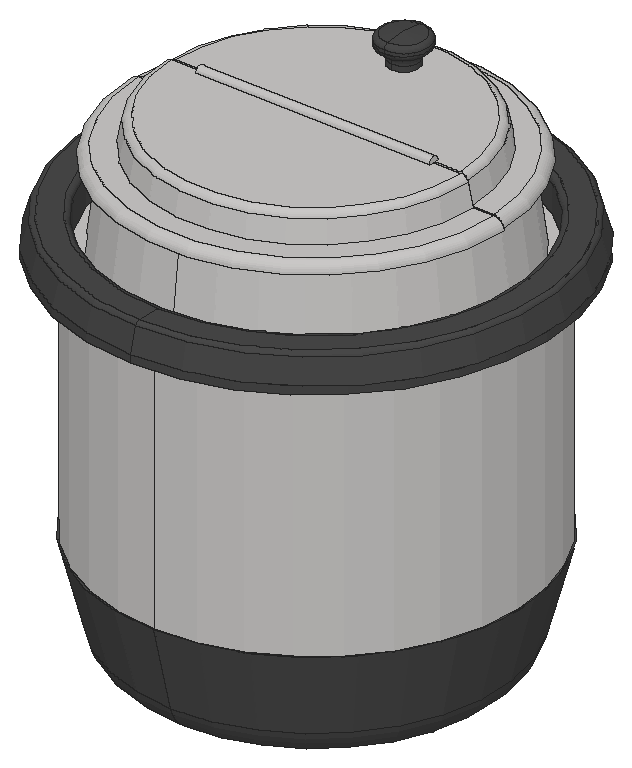
Revit family "QF_Vollrath_74701DW", category Specialty Equipment, Revit 2016
Family settings
  Part Type = Normal
  Round Connector Dimension = Use Diameter
  OmniClass Number = 23.40.40.14.17.31
  OmniClass Title = Small Specialized Cooking Equipment
  Work Plane-Based = Yes
  Always vertical = Yes
  Cut with Voids When Loaded = No
  Shared = No
  Room Calculation Point = No
Parameters
  Weight in Pounds = 12.4
  Watts = 250 W
  Watermarked By = "http://revitwatermark.com"
  Volts = 120 V
  URL Cutsheet = ""
  URL = "www.vollrathco.com"
  Status [instance] = ""
  Specification by User [instance] = ""
  Specification by Manufacturer [instance] = ""
  Serial Number [instance] = ""
  Revision Code [instance] = ""
  Phase = 1
  Outer Diameter = 0' - 11.9"  # constant formula
  Number of Poles [instance] = 1
  NAFEM Spec ID Number [instance] = ""
  Model = "74701DW"
  Material = QF_Finishes_Black
  Masterspec [instance] = ""
  Manufacturer = "Vollrath"
  Item Number [instance] = "-"
  Installed By [instance] = ""
  Furnished By [instance] = ""
  Foodservice Equipment Identifier = yes
  FL Amps = 2.1 A
  Electrical Remarks [instance] = ""
  Electric Connection Type [instance] = ""
  Elec Conn RI Height [instance] = 0' - 0"
  Elec Conn Connection Height = -0' - 9 1/4"
  Description = "7 qt. Induction Warmer, Drop-In"
  Default Elevation = 4' - 0"
  Cycle = 60 Hz
  Conn Plug = "NEMA 5-15P"
  CSI MasterFormat = "11 44 00"
  Assembly Code = "E1090320"
  Apparent Power = if(Phase = 3, Volts * FL Amps * 1.73, Volts * FL Amps)  # 252 VA
Reference planes (in)
  plane 1 "FRONT": y = 0
  plane 2: z = 0
  plane 3 "LEFT": x = -9.10443
  plane 4 "RIGHT": x = 2.79557
  plane 5 "BACK": y = -11.9
  plane 6 "Center FB": x = -3.15443
  plane 7 "Center LR": y = -5.95
  plane 8 "TOP": z = 3.8125
  plane 9 "Top of Lid": z = 3.0625
  plane 10 "Top of Unit": z = 0.87467
  plane 11 "Bottom of Lid": z = 2.1225
  plane 12 "BOTTOM": z = -9.25
Forms (in)
  Extrusion 1, solid, material "QF_Finishes_Stainless Steel"
    sketch origin (0, 0, -6.45) x (0, 1, 0) y (-1, 0, 0)
      loop
        circle (-5.95, 3.15443) r 5.18
    from 0 to 6.45
  Revolve 2, solid, material "QF_Finishes_Black" <- "Material"
    sketch origin (-3.15443, 0, -9.26533) x (0, 1, 0) y (0, 0, 1)
      loop
        line (-1, 9.26533) -> (0, 9.26533) -> (0, 9.46533) -> (-0.16331, 10.04524)
        arc (-0.16331, 10.04524) -> (-0.20996, 10.11364) -> (-0.28845, 10.14) r 0.13
        line (-0.28845, 10.14) -> (-0.87, 10.14)
        arc (-0.87, 10.14) -> (-0.96192, 10.10192) -> (-1, 10.01) r 0.13
        line (-1, 10.01) -> (-1, 9.26533)
      axis (-5.95, 10.14) -> (-5.95, 9.26533)
    angle from 0 to 360
  Revolve 3, solid, material "QF_Finishes_Polished Steel"
    sketch origin (-3.15443, 0, -9.26533) x (0, 1, 0) y (0, 0, 1)
      loop
        line (-5.95, 9.26533) -> (-1.3016, 9.26533) -> (-1.58, 11.38783) -> (-5.95, 11.38783) -> (-5.95, 9.26533)
      axis (-5.95, 11.38783) -> (-5.95, 9.26533)
    angle from 0 to 360
  Revolve 4, solid, material "QF_Finishes_Stainless Steel"
    sketch origin (-3.15443, 0, -9.26533) x (0, 1, 0) y (0, 0, 1)
      loop
        line (-5.95, 11.38783) -> (-1.14, 11.38783)
        arc (-1.14, 11.38783) -> (-1.21322, 11.56461) -> (-1.39, 11.63783) r 0.25
        line (-1.39, 11.63783) -> (-1.94, 11.63783) -> (-2.04911, 12.17561)
        arc (-2.04911, 12.17561) -> (-2.11507, 12.28493) -> (-2.23532, 12.32783) r 0.19
        line (-2.23532, 12.32783) -> (-5.95, 12.32783) -> (-5.95, 11.38783)
      axis (-5.95, 12.32783) -> (-5.95, 11.38783)
    angle from 90 to 270
  Revolve 5, solid, material "QF_Finishes_Stainless Steel"
    sketch origin (-3.15443, 0, -9.26533) x (0, 1, 0) y (0, 0, 1)
      loop
        line (-5.89203, 11.38783) -> (-1.14, 11.38783)
        arc (-1.14, 11.38783) -> (-1.21322, 11.56461) -> (-1.39, 11.63783) r 0.25
        line (-1.39, 11.63783) -> (-1.94, 11.63783) -> (-2.04911, 12.17561)
        arc (-2.04911, 12.17561) -> (-2.11507, 12.28493) -> (-2.23532, 12.32783) r 0.19
        line (-2.23532, 12.32783) -> (-5.89203, 12.32783) -> (-5.89203, 11.38783)
      axis (-5.89203, 12.32783) -> (-5.89203, 11.38783)
    angle from -90 to 90
  Extrusion 6, solid, material "QF_Finishes_Stainless Steel"
    sketch origin (-3.15443, 0, -9.26533) x (0, 1, 0) y (0, 0, 1)
      loop
        line (-6.05676, 12.32783) -> (-5.80676, 12.32783)
        arc (-5.80676, 12.32783) -> (-5.93176, 12.45283) -> (-6.05676, 12.32783) r 0.125
    from -3 to 3
  Revolve 7, solid, material "QF_Finishes_Black"
    sketch origin (-3.15443, 0, -9.26533) x (0, 1, 0) y (0, 0, 1)
      loop
        line (-3.14, 12.32783) -> (-3.14, 13.07783)
        arc (-3.14, 13.07783) -> (-3.39554, 13.05243) -> (-3.65, 13.01783) r 7.124
        arc (-3.65, 13.01783) -> (-3.72611, 12.97718) -> (-3.76, 12.89783) r 0.13
        line (-3.76, 12.89783) -> (-3.76, 12.81783)
        arc (-3.76, 12.81783) -> (-3.74047, 12.74418) -> (-3.68, 12.69783) r 0.118
        arc (-3.68, 12.69783) -> (-3.55886, 12.60954) -> (-3.51, 12.46783) r 0.25
        line (-3.51, 12.46783) -> (-3.51, 12.32783) -> (-3.14, 12.32783)
      axis (-3.14, 13.07783) -> (-3.14, 12.32783)
    angle from 0 to 360
  Revolve 8, solid, material "QF_Finishes_Black"
    sketch origin (-3.15443, 0, 0) x (0, 1, 0) y (0, 0, 1)
      loop
        line (-5.95, -6.45) -> (-5.95, -9.25) -> (-2.24883, -9.25)
        arc (-2.24883, -9.25) -> (-1.64007, -9.04335) -> (-1.28291, -8.50882) r 1
        line (-1.28291, -8.50882) -> (-0.73125, -6.45) -> (-5.95, -6.45)
      axis (-5.95, -9.25) -> (-5.95, -6.45)
    angle from 0 to 360
  Extrusion 9, solid, material "QF_Finishes_Black"
    sketch origin (0, 0, -9.25) x (0, 1, 0) y (-1, 0, 0)
      loop
        circle (-5.95, 3.15443) r 0.25
    from 0 to -0.0625
Lines and regions (in)
  symbolic lines
    curve 1: arc (-3.15443, 0, 0) -> (-9.10443, -5.95, 0) -> (-3.15443, -11.9, 0) r 5.95
    curve 2: arc (-3.15443, -11.9, 0) -> (2.79557, -5.95, 0) -> (-3.15443, 0, 0) r 5.95
    curve 3: arc (-3.15443, -2.52, 0) -> (-2.53443, -3.14, 0) -> (-3.15443, -3.76, 0) r 0.62
    curve 4: arc (-3.15443, -3.76, 0) -> (-3.77443, -3.14, 0) -> (-3.15443, -2.52, 0) r 0.62
    curve 5: line (-0.15443, -5.80676, 0) -> (-6.15443, -5.80676, 0)
    curve 6: line (-6.15443, -6.05676, 0) -> (-0.15443, -6.05676, 0)
    curve 7: line (-6.15443, -5.80676, 0) -> (-6.15443, -6.05676, 0)
    curve 8: line (-0.15443, -6.05676, 0) -> (-0.15443, -5.80676, 0)
    curve 9: arc (-7.10646, -5.89203, 0) -> (-3.15443, -1.94, 0) -> (0.79761, -5.89203, 0) r 3.95203
    curve 10: arc (-3.15443, -1.58, 0) -> (1.21557, -5.95, 0) -> (-3.15443, -10.32, 0) r 4.37
    curve 11: arc (-3.15443, -10.32, 0) -> (-7.52443, -5.95, 0) -> (-3.15443, -1.58, 0) r 4.37
    curve 12: arc (0.85557, -5.95, 0) -> (-3.15443, -9.96, 0) -> (-7.16443, -5.95, 0) r 4.01
    curve 13: line (-7.10646, -5.89203, 0) -> (-6.15443, -5.89203, 0)
    curve 14: line (-7.16443, -5.95, 0) -> (-6.15443, -5.95, 0)
    curve 15: line (0.79761, -5.89203, 0) -> (-0.15443, -5.89203, 0)
    curve 16: line (0.85557, -5.95, 0) -> (-0.15443, -5.95, 0)
    curve 17: arc (-3.15443, -1, 0) -> (-8.10443, -5.95, 0) -> (-3.15443, -10.9, 0) r 4.95
    curve 18: arc (-3.15443, -10.9, 0) -> (1.79557, -5.95, 0) -> (-3.15443, -1, 0) r 4.95
Dimensions and locks (in)
  "Outer Diameter": plane 3 "LEFT" to plane 4 "RIGHT"
  "Outer Diameter": plane 5 "BACK" to plane 1 "FRONT"
  equal spacing: plane 3 "LEFT", plane 6 "Center FB", plane 4 "RIGHT"
  equal spacing: plane 5 "BACK", plane 7 "Center LR", plane 1 "FRONT"
  locked: plane 10 "Top of Unit" to level at 0.87467
  locked: level to plane 12 "BOTTOM" at 9.25
  locked: plane 9 "Top of Lid" to plane 12 "BOTTOM" at 12.3125
  locked: plane 9 "Top of Lid" to plane 11 "Bottom of Lid" at 0.94
  locked: plane 8 "TOP" to plane 9 "Top of Lid" at 0.75
  plane 11 "Bottom of Lid" to level = 0' - 2.1225"
  aligned and locked: level to plane 2
Automatic sketch dimensions
  curve 1 to curve 2 = 0' - 0"  (x2)
  curve 1 to curve 10 = 0' - 0"  (x2)
  curve 1 to curve 11 = 0' - 0"  (x2)
  curve 1 to curve 12 = 0' - 0"  (x2)
  curve 1 to curve 17 = 0' - 0"  (x2)
  curve 1 to curve 18 = 0' - 0"  (x2)
  curve 2 to curve 10 = 0' - 0"  (x2)
  curve 2 to curve 11 = 0' - 0"  (x2)
  curve 2 to curve 12 = 0' - 0"  (x2)
  curve 2 to curve 17 = 0' - 0"  (x2)
  curve 2 to curve 18 = 0' - 0"  (x2)
  curve 3 to curve 4 = 0' - 0"  (x2)
  curve 10 to curve 11 = 0' - 0"  (x2)
  curve 10 to curve 12 = 0' - 0"  (x2)
  curve 10 to curve 17 = 0' - 0"  (x2)
  curve 10 to curve 18 = 0' - 0"  (x2)
  curve 11 to curve 12 = 0' - 0"  (x2)
  curve 11 to curve 17 = 0' - 0"  (x2)
  curve 11 to curve 18 = 0' - 0"  (x2)
  curve 12 to curve 17 = 0' - 0"  (x2)
  curve 12 to curve 18 = 0' - 0"  (x2)
  curve 17 to curve 18 = 0' - 0"  (x2)
  curve 12 to plane 7 "Center LR" = 0' - 0"
  curve 4 to plane 6 "Center FB" = 0' - 0"
  curve 18 to plane 6 "Center FB" = 0' - 0"
  curve 9 to plane 6 "Center FB" = 0' - 0"
  plane 5 "BACK" to curve 1 = 0' - 0"
  plane 7 "Center LR" to curve 5 = 0' - 0.14324"
  plane 3 "LEFT" to curve 5 = 0' - 2.95"
  plane 7 "Center LR" to curve 9 = 0' - 0.05797"
  curve 9 to curve 13 = 0' - 0.95203"
  curve 14 to curve 13 = 0' - 0.05797"
  curve 8 to plane 7 "Center LR" = 0' - 0.10676"
  curve 8 to curve 15 = 0' - 0.95203"
  curve 18 to plane 5 "BACK" = 0' - 1"
  curve 17 to curve 11 = 0' - 0.58"
  curve 9 to curve 4 = 0' - 2.13203"
  curve 3 to curve 3 = 0' - 0.62"
  Extrusion 1 sketch curve to plane 6 "Center FB" = 0' - 0"
  Extrusion 1 sketch curve to plane 7 "Center LR" = 0' - 0"
  Revolve 2 sketch curve to plane 7 "Center LR" = 0' - 0"
  Revolve 2 sketch curve to plane 10 "Top of Unit" = 0' - 0"
  Revolve 2 sketch curve to plane 1 "FRONT" = 0' - 0"
  plane 1 "FRONT" to Revolve 2 sketch curve = 0' - 1"
  Revolve 2 sketch curve to Revolve 2 sketch curve = 0' - 0.13"
  plane 1 "FRONT" to Revolve 2 sketch curve = 0' - 0.28845"
  Revolve 2 sketch curve to plane 10 "Top of Unit" = 0' - 0.09476"
  Revolve 2 sketch curve to Revolve 2 sketch curve = 0' - 0.12513"
  Revolve 2 sketch curve to Revolve 2 sketch curve = 0' - 0.57991"
  Revolve 2 sketch curve to Revolve 2 sketch curve = 0' - 0.2"
  Revolve 2 sketch curve to level = 1' - 9.26533"
  plane 8 "TOP" to Revolve 2 sketch curve = 6' - 10.57"
  Revolve 3 sketch curve to plane 7 "Center LR" = 0' - 0"  (x2)
  Revolve 3 sketch curve to plane 11 "Bottom of Lid" = 0' - 0"
  plane 1 "FRONT" to Revolve 3 sketch curve = 0' - 1.58"
  plane 1 "FRONT" to Revolve 3 sketch curve = 0' - 1.3016"
  Revolve 3 sketch curve to plane 10 "Top of Unit" = 0' - 0.87467"
  Revolve 3 sketch curve to level = 1' - 9.26533"
  plane 8 "TOP" to Revolve 3 sketch curve = 6' - 10.57"
  Revolve 4 sketch curve to plane 7 "Center LR" = 0' - 0"  (x2)
  Revolve 4 sketch curve to plane 9 "Top of Lid" = 0' - 0"
  Revolve 4 sketch curve to plane 11 "Bottom of Lid" = 0' - 0"
  plane 1 "FRONT" to Revolve 4 sketch curve = 0' - 2.23532"
  Revolve 4 sketch curve to plane 9 "Top of Lid" = 0' - 0.15222"
  Revolve 4 sketch curve to Revolve 4 sketch curve = 0' - 0.18621"
  plane 11 "Bottom of Lid" to Revolve 4 sketch curve = 0' - 0 1/4"
  Revolve 4 sketch curve to Revolve 4 sketch curve = 0' - 0.10911"
  Revolve 4 sketch curve to Revolve 4 sketch curve = 0' - 0.55"
  Revolve 4 sketch curve to level = 1' - 9.26533"
  plane 8 "TOP" to Revolve 4 sketch curve = 6' - 10.57"
  Revolve 5 sketch curve to plane 11 "Bottom of Lid" = 0' - 0"
  Revolve 5 sketch curve to plane 9 "Top of Lid" = 0' - 0"
  plane 7 "Center LR" to Revolve 5 sketch curve = 0' - 0.05797"  (x2)
  plane 1 "FRONT" to Revolve 5 sketch curve = 0' - 2.23532"
  Revolve 5 sketch curve to plane 9 "Top of Lid" = 0' - 0.15222"
  Revolve 5 sketch curve to Revolve 5 sketch curve = 0' - 0.18621"
  plane 11 "Bottom of Lid" to Revolve 5 sketch curve = 0' - 0 1/4"
  Revolve 5 sketch curve to Revolve 5 sketch curve = 0' - 0.10911"
  Revolve 5 sketch curve to Revolve 5 sketch curve = 0' - 0.55"
  plane 10 "Top of Unit" to Revolve 5 sketch curve = 0' - 0.42764"
  plane 8 "TOP" to Revolve 5 sketch curve = 0' - 0.35953"
  Extrusion 6 sketch curve to plane 9 "Top of Lid" = 0' - 0"
  Extrusion 6 sketch curve to plane 7 "Center LR" = 0' - 0.10676"
  plane 7 "Center LR" to Extrusion 6 sketch curve = 0' - 0.01824"
  Revolve 7 sketch curve to plane 9 "Top of Lid" = 0' - 0"
  Revolve 7 sketch curve to plane 8 "TOP" = 0' - 0"
  Revolve 7 sketch curve to plane 8 "TOP" = 0' - 0.18"
  plane 7 "Center LR" to Revolve 7 sketch curve = 0' - 2.19"
  plane 9 "Top of Lid" to Revolve 7 sketch curve = 0' - 0.13311"
  Revolve 7 sketch curve to Revolve 7 sketch curve = 0' - 0.00009"
  Revolve 7 sketch curve to Revolve 7 sketch curve = 0' - 0.08"
  Revolve 7 sketch curve to Revolve 7 sketch curve = 0' - 0"  (x2)
  Revolve 7 sketch curve to plane 8 "TOP" = 0' - 0.06"
  Revolve 7 sketch curve to Revolve 7 sketch curve = 0' - 0.11"
  Revolve 7 sketch curve to Revolve 7 sketch curve = 0' - 0.03772"
  Revolve 7 sketch curve to Revolve 7 sketch curve = 0' - 0.01201"
  Revolve 7 sketch curve to Revolve 7 sketch curve = 0' - 0.24991"
  plane 7 "Center LR" to Revolve 7 sketch curve = 0' - 2.81"
  Revolve 7 sketch curve to Revolve 7 sketch curve = 0' - 0.51"
  Revolve 7 sketch curve to Revolve 7 sketch curve = 0' - 1.86648"
  Revolve 7 sketch curve to Revolve 7 sketch curve = 0' - 0.14"
  Revolve 7 sketch curve to Revolve 7 sketch curve = 0' - 4.4351"
  Revolve 8 sketch curve to plane 7 "Center LR" = 0' - 0"  (x2)
  Revolve 8 sketch curve to plane 12 "BOTTOM" = 0' - 0"
  plane 1 "FRONT" to Revolve 8 sketch curve = 0' - 2.24883"
  plane 12 "BOTTOM" to Revolve 8 sketch curve = 0' - 0.74118"
  Revolve 8 sketch curve to Revolve 8 sketch curve = 0' - 0.96593"
  plane 1 "FRONT" to Revolve 8 sketch curve = 0' - 0.73125"
  Revolve 8 sketch curve to Revolve 8 sketch curve = 0' - 2 3/4"
  Revolve 8 sketch curve to Revolve 8 sketch curve = 0' - 2.05882"
  plane 8 "TOP" to Revolve 8 sketch curve = 7' - 8 3/16"
  Extrusion 9 sketch curve to plane 6 "Center FB" = 0' - 0"
  Extrusion 9 sketch curve to plane 7 "Center LR" = 0' - 0"
  radius of Extrusion 1 sketch curve = 0' - 5.18"
  radius of Extrusion 9 sketch curve = 0' - 0 1/4"
Connectors (in)
  electrical at (-3.15443, -5.95, -9.3125), driven by "Number of Poles", driven by "Volts", driven by "Apparent Power"
    settings: on Extrusion 9, index 1, voltage 120 V, apparent load 252 VA, apparent load phase1 0 VA, apparent load phase2 0 VA, apparent load phase3 0 VA, power factor 1, load classification "Other", number of poles 1, system type 30, power factor state 1, is connector primary yes, connector utility no, sub classification motor no, connector description "Electric"
